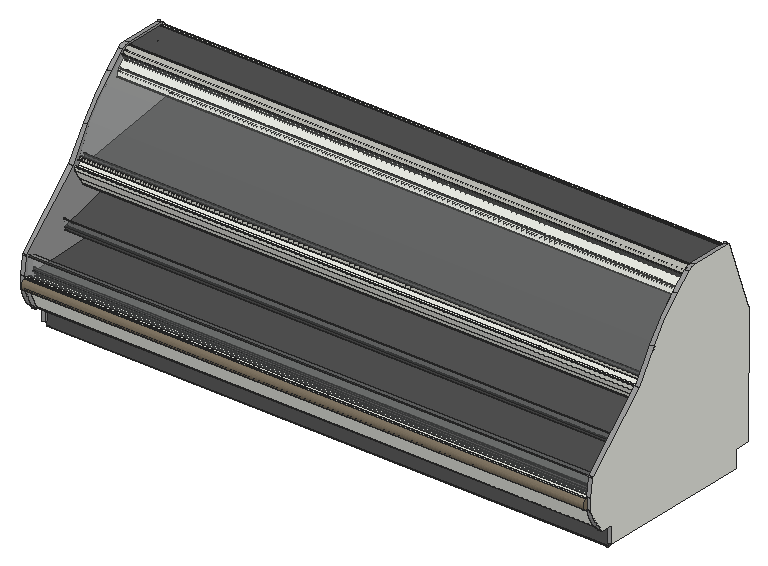
Revit family "CR3-F_2014", category Specialty Equipment, Revit 2014 (continued)
Types (4): name | Width | Upper Drain | Number of Supports | Lower Drain | 8 Case | 6 Case | 4 Case | 12 Case
  6'-0" Length | 72" | 44" | 3 | 41" | no | yes | no | no
  4'-0" Length | 48" | 32" | 2 | 7" | no | no | yes | no
